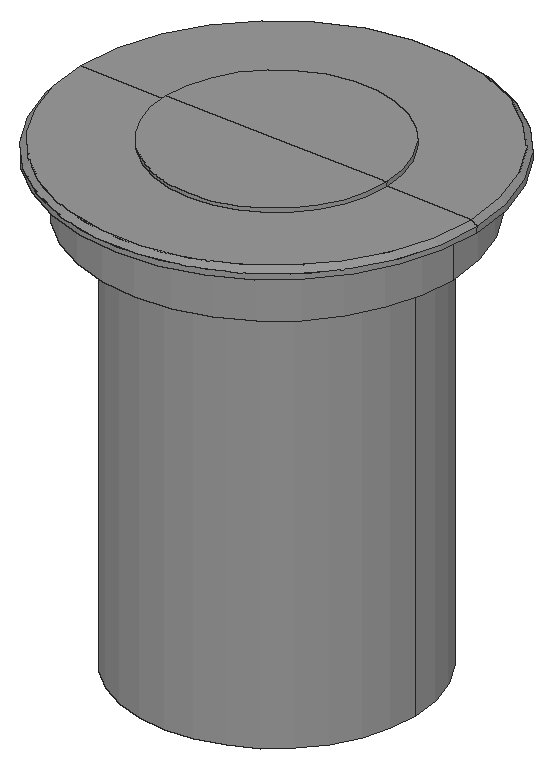
Revit family "Interrata - Copy - Copy (2)", category Lighting Fixtures, host Face, Revit 2017
Family settings
  Host = Face
  Round Connector Dimension = Use Diameter
  Part Type = Normal
  OmniClass Number = 23.80.70.00
  OmniClass Title = Lighting
  Cut with Voids When Loaded = No
  Light Source = No
  Shared = No
  Room Calculation Point = No
Parameters (values of type "0049040")
  XS_SYL = no
  Weight = ""
  Wattage Comments = ""
  WarrantyStartDate [instance] = "n/a"
  WarrantyGuarantorParts = "n/a"
  WarrantyDurationUnit = "n/a"
  WarrantyDurationParts = "n/a"
  WarrantyDescription = "n/a"
  Voltage = 0 V
  URL = "http://www.sylvania-lighting.com"
  TypeName = ""
  TypeLamp_SYL = Interrata Lamp : 0049040 INTERRATA ADJUSTABLE S  CL 400LM 830 MB
  Type Image = <None>
  Type Comments = "n/a"
  Thickness_SYL = 2.5 mm  # constant formula
  Step2_SYL = if(XS_SYL, 99.8 mm, if(S_SYL, 121 mm, if(L_SYL, 236 mm, 206 mm)))  # 121 mm
  Step1_SYL = if(XS_SYL, 26.2 mm, if(S_SYL, 15 mm, if(L_SYL, 19.5 mm, 17.5 mm)))  # 15 mm
  SerialNumber [instance] = "n/a"
  S_SYL = yes
  RotationAngle_SYL [instance] = 0.00°
  RingHeight_SYL = if(XS_SYL, 3 mm, if(S_SYL, 3 mm, if(L_SYL, 4 mm, 2.8 mm)))  # 3 mm
  RevolutionAxisFromRefLevel_SYL = if(XS_SYL, 27 mm, if(S_SYL, 45 mm, if(L_SYL, 74 mm, 59.5 mm)))  # 45 mm
  Radius_SYL = if(XS_SYL, 50 mm, if(S_SYL, 60 mm, if(L_SYL, 130 mm, 100 mm)))  # 60 mm
  Radius3_SYL = if(XS_SYL, 31.5 mm, if(S_SYL, 41.7 mm, if(L_SYL, 112 mm, 96 mm)))  # 41.7 mm
  Radius2_SYL = if(XS_SYL, 33.5 mm, if(S_SYL, 53 mm, if(L_SYL, 124 mm, 98 mm)))  # 53 mm
  Material_3_SYL = none
  PowerFactor = 0
  PowerConsumption = ""
  NominalLength = 0 mm
  NominalHeight = 0 mm
  NominalDepth = 0 mm
  Name = ""
  ModelReference = Name  # ""
  ModelNumber = ""
  Model = Name  # ""
  Material = ""
  ManufacturerName = "Feilo Sylvania"
  Manufacturer = "Feilo Sylvania"
  L_SYL = no
  LuminousEfficacy = ""
  LuminaireType = ""
  LightOutputRatio = ""
  LampsType = Lamp  # ""
  EndAngle_SYL [instance] = RotationAngle_SYL + 180.00°  # 180.00°
  BodyThickness_SYL = 3 mm  # constant formula
  BodyHeight3_SYL = if(XS_SYL, 80 mm, if(S_SYL, 45 mm, if(L_SYL, 21 mm, 29.4 mm)))  # 45 mm
  BodyRad_SYL = if(XS_SYL, 30 mm, if(S_SYL, 50 mm, if(L_SYL, 120 mm, 95 mm)))  # 50 mm
  LampNominalLuminous = ""
  LampMacAdamStep = ""
  BodyRad2_SYL = if(XS_SYL, 16.5 mm, if(S_SYL, 35.5 mm, if(L_SYL, 82.5 mm, 54.5 mm)))  # 35.5 mm
  BodyRad1_SYL = if(XS_SYL, 23.6 mm, if(S_SYL, 35.5 mm, if(L_SYL, 99.4 mm, 68.5 mm)))  # 35.5 mm
  BodyHeight4_SYL = if(XS_SYL, 5.5 mm, if(S_SYL, 45 mm, if(L_SYL, 82.2 mm, 66.6 mm)))  # 45 mm
  BodyHeight2_SYL = if(XS_SYL, 4.5 mm, if(S_SYL, 5.5 mm, if(L_SYL, 34 mm, 19.5 mm)))  # 5.5 mm
  BodyHeight1_SYL = if(XS_SYL, 4.5 mm, if(S_SYL, 4 mm, if(L_SYL, 14 mm, 9.5 mm)))  # 4 mm
  LampColourTemperature = ""
  LampColourRenderingIndex = ""
  Lamp = ""
  Keynote = "16500"
  InstallationDate [instance] = "n/a"
  InputVoltage = ""
  InputNominalFrequency = ""
  IngressProtection = ""
  ImpactProtectionIndex = ""
  IfcExportType = "IfcLightFixtureType"
  IfcExportAs = "IfcLightFixtureType"
  ElectricShockClassification = ""
  DocumentationLiterature = ""
  DimmingControlOptions = ""
  Material_2_SYL = Polycarbonate, Clear
  DiffuserRad_SYL = if(XS_SYL, 21 mm, if(S_SYL, 33 mm, if(L_SYL, 94 mm, 66 mm)))  # 33 mm
  Description = ""
  Default Elevation = 100 mm
  CreatedOn = ""
  CreatedBy = ""
  Cost = 0
  built-in parameter 1114216 [instance] = (empty or 0)
  ClassificationValue = "EF_70_80"
  ClassificationName = "Uniclass2015"
  Material_1_SYL = Stainless Steel
  Chamfer_SYL = 1.5 mm  # constant formula
  BarCode [instance] = "n/a"
  AssetType = ""
  AssetIdentifier [instance] = "n/a"
  Assembly Code = "D5020200"
  Apparent Load = 0 VA
  Material_4_SYL = none
Types (10, lengths in mm): name | XS_SYL | TypeLamp_SYL | Step2_SYL | Step1_SYL | S_SYL | RingHeight_SYL | RevolutionAxisFromRefLevel_SYL | Radius_SYL | Radius3_SYL | Radius2_SYL | L_SYL | BodyHeight3_SYL | BodyRad_SYL | BodyRad2_SYL | BodyRad1_SYL | BodyHeight4_SYL | BodyHeight2_SYL | BodyHeight1_SYL | DiffuserRad_SYL
  0049036 | yes | Interrata Lamp : 0049036 INTERRATA XS  FROSTED 100LM 830  | 99.8 | 26.2 | no | 3 | 27 | 50 | 31.5 | 33.5 | no | 80 | 30 | 16.5 | 23.6 | 5.5 | 4.5 | 4.5 | 21
  0049042 | no | Interrata Lamp : 0049042 INTERRATA ADJUSTABLE M  CL 1000LM 830 MB | 206 | 17.5 | no | 2.8 | 59.5 | 100 | 96 | 98 | no | 29.4 | 95 | 54.5 | 68.5 | 66.6 | 19.5 | 9.5 | 66
  0049043 | no | Interrata Lamp : 0049043 INTERRATA ADJUSTABLE M  CL 1000LM 840 MB | 206 | 17.5 | no | 2.8 | 59.5 | 100 | 96 | 98 | no | 29.4 | 95 | 54.5 | 68.5 | 66.6 | 19.5 | 9.5 | 66
  0049044 | no | Interrata Lamp : 0049044 INTERRATA ADJUSTABLE L  CL 2000LM 830 MB | 236 | 19.5 | no | 4 | 74 | 130 | 112 | 124 | yes | 21 | 120 | 82.5 | 99.4 | 82.2 | 34 | 14 | 94
  0049037 | yes | Interrata Lamp : 0049037 INTERRATA XS  FROSTED 100LM 840  | 99.8 | 26.2 | no | 3 | 27 | 50 | 31.5 | 33.5 | no | 80 | 30 | 16.5 | 23.6 | 5.5 | 4.5 | 4.5 | 21
  0049039 | yes | Interrata Lamp : 0049039 INTERRATA XS  CLEAR 100LM 840 NB | 99.8 | 26.2 | no | 3 | 27 | 50 | 31.5 | 33.5 | no | 80 | 30 | 16.5 | 23.6 | 5.5 | 4.5 | 4.5 | 21
  0049038 | yes | Interrata Lamp : 0049038 INTERRATA XS  CLEAR 100LM 830 NB | 99.8 | 26.2 | no | 3 | 27 | 50 | 31.5 | 33.5 | no | 80 | 30 | 16.5 | 23.6 | 5.5 | 4.5 | 4.5 | 21
  0049040 | no | Interrata Lamp : 0049040 INTERRATA ADJUSTABLE S  CL 400LM 830 MB | 121 | 15 | yes | 3 | 45 | 60 | 41.7 | 53 | no | 45 | 50 | 35.5 | 35.5 | 45 | 5.5 | 4 | 33
  0049041 | no | Interrata Lamp : 0049041 INTERRATA ADJUSTABLE S  CL 400LM 840 MB | 121 | 15 | yes | 3 | 45 | 60 | 41.7 | 53 | no | 45 | 50 | 35.5 | 35.5 | 45 | 5.5 | 4 | 33
  0049045 | no | Interrata Lamp : 0049045 INTERRATA ADJUSTABLE L  CL 2000LM 840 MB | 236 | 19.5 | no | 4 | 74 | 130 | 112 | 124 | yes | 21 | 120 | 82.5 | 99.4 | 82.2 | 34 | 14 | 94
Reference planes
  plane 1 "Center (Front/Back)": y = 0
  plane 2: z = 1.5
  plane 3 "Center (Left/Right)": x = 0
  plane 4: z = 3
  plane 5: x = -33
  plane 6: x = -58.5
  plane 7: x = -60
  plane 8: x = -53
  plane 9: z = 4
  plane 10: z = -15
  plane 11: z = -136
  plane 12: x = -41.7
  plane 13: x = -50
  plane 14: z = -4
  plane 15: z = -9.5
  plane 16: x = -50.5
  plane 17: z = -12.5
  plane 18: x = -39.2
  plane 19: z = -54.5
  plane 20: z = -99.5
  plane 21: x = -35.5
  plane 22: x = -35.5
  plane 23: x = -47
  plane 24: x = -32.5
  plane 25: x = -32.5
  plane 26: z = -96.5
  plane 27: z = -1
  plane 28: z = -45
Forms (mm)
  Revolve 1, solid, material "Stainless Steel" <- "Material_1_SYL"
    sketch origin (0, 0, 0) x (1, 0, 0) y (0, 0, 1)
      loop
        line (-33, 3) -> (-58.5, 3) -> (-60, 1.5) -> (-60, 0) -> (-53, 0) -> (-53, -15) -> (-41.7, -15) -> (-41.7, -136) -> (-39.2, -136) -> (-39.2, -12.5) -> (-50.5, -12.5) -> (-50.5, 0) -> (-33, 0) -> (-33, 3)
      axis (0, 3) -> (0, -136)
    angle from 360 to 0
  Revolve 2, void
    sketch origin (0, 0, 0) x (1, 0, 0) y (0, 0, 1)
      loop
        line (-53, 0) -> (-53, -136) -> (0, -136) -> (0, 0) -> (-53, 0)
      axis (0, 0) -> (0, -136)
    angle from 360 to 0
  Revolve 3, solid, material "Polycarbonate, Clear" <- "Material_2_SYL", detail levels medium+fine
    sketch origin (0, 0, 0) x (1, 0, 0) y (0, 0, 1)
      loop
        line (0, 4) -> (-33, 4) -> (-33, 1.5) -> (0, 1.5) -> (0, 4)
      axis (0, 4) -> (0, 1.5)
    angle from 360 to 0
  Revolve 4, solid, detail levels medium+fine
    sketch origin (0, 0, 0) x (1, 0, 0) y (0, 0, 1)
      loop
        line (-47, 0) -> (-50, 0) -> (-50, -4) -> (-35.5, -4) -> (-35.5, -9.5) -> (-35.5, -54.5) -> (-35.5, -99.5) -> (0, -99.5) -> (0, -96.5) -> (-32.5, -96.5) -> (-32.5, -53.822) -> (-32.5, -8.822) -> (-32.5, -1) -> (-47, -1) -> (-47, 0)
      axis (0, 0) -> (0, -99.5)
    angle from 360 to 0
  Revolve 5, solid
    sketch origin (-1524.19, -4572, -45) x (-1, 0, 0) y (0, -1, 0)
      loop
        line (-1524.19, -4572) -> (-1524.19, -4582) -> (-1514.19, -4582) -> (-1514.19, -4572) -> (-1524.19, -4572)
      axis (-1524.19, -4582) -> (-1524.19, -4572)
    angle from 0 <- "RotationAngle_SYL" to 180 <- "EndAngle_SYL"
Dimensions and locks
  "DiffuserRad_SYL": plane 3 "Center (Left/Right)" to plane 5
  "Radius_SYL": plane 3 "Center (Left/Right)" to plane 7
  "Chamfer_SYL": plane 6 to plane 7
  "Radius2_SYL": plane 3 "Center (Left/Right)" to plane 8
  locked: plane 9 to plane 4 at 1
  "RingHeight_SYL": plane 4 to level
  "Chamfer_SYL": plane 4 to plane 2
  "Step1_SYL": level to plane 10
  "Step2_SYL": plane 10 to plane 11
  "Radius3_SYL": plane 3 "Center (Left/Right)" to plane 12
  "BodyRad_SYL": plane 3 "Center (Left/Right)" to plane 13
  "BodyHeight1_SYL": level to plane 14
  "BodyHeight2_SYL": plane 14 to plane 15
  "Thickness_SYL": plane 16 to plane 8
  "Thickness_SYL": plane 17 to plane 10
  "Thickness_SYL": plane 18 to plane 12
  "BodyHeight3_SYL": plane 15 to plane 19
  "BodyHeight4_SYL": plane 19 to plane 20
  "BodyRad1_SYL": plane 3 "Center (Left/Right)" to plane 21
  "BodyRad2_SYL": plane 3 "Center (Left/Right)" to plane 22
  "BodyThickness_SYL": plane 26 to plane 20
  "BodyThickness_SYL": plane 25 to plane 22
  "BodyThickness_SYL": plane 24 to plane 21
  "BodyThickness_SYL": plane 23 to plane 13
  "BodyThickness_SYL": plane 27 to plane 14
  "RevolutionAxisFromRefLevel_SYL": level to plane 28
  aligned and locked: level to host face
  aligned and locked: Revolve 1 sketch curve to plane 4
  aligned and locked: plane 7 to Revolve 1 sketch curve
  aligned and locked: Revolve 1 sketch curve to level
  aligned and locked: plane 10 to Revolve 1 sketch curve
  aligned and locked: Revolve 1 sketch curve to plane 12
  aligned and locked: plane 5 to Revolve 1 sketch curve
  aligned and locked: Revolve 1 sketch curve to plane 3 "Center (Left/Right)"
  aligned and locked: Revolve 1 sketch curve to plane 11
  aligned and locked: Revolve 2 sketch curve to plane 3 "Center (Left/Right)"  (x2)
  aligned and locked: Revolve 3 sketch curve to plane 9
  aligned and locked: Revolve 3 sketch curve to plane 5
  aligned and locked: Revolve 3 sketch curve to plane 2
  aligned and locked: plane 3 "Center (Left/Right)" to Revolve 3 sketch curve
  aligned and locked: Revolve 3 sketch curve to plane 3 "Center (Left/Right)"
  aligned and locked: Revolve 1 sketch curve to plane 18
  aligned and locked: plane 17 to Revolve 1 sketch curve
  aligned and locked: Revolve 4 sketch curve to plane 3 "Center (Left/Right)"  (x2)
  aligned and locked: Revolve 4 sketch curve to plane 26
  aligned and locked: Revolve 4 sketch curve to plane 20
  aligned and locked: Revolve 4 sketch curve to plane 22
  aligned and locked: Revolve 4 sketch curve to plane 25
  aligned and locked: plane 15 to Revolve 4 sketch curve
  aligned and locked: plane 21 to Revolve 4 sketch curve
  aligned and locked: Revolve 1 sketch curve to plane 8
  aligned and locked: Revolve 1 sketch curve to plane 16
  aligned and locked: plane 8 to Revolve 2 sketch curve
  aligned and locked: Revolve 2 sketch curve to level
  aligned and locked: Revolve 2 sketch curve to plane 11
  aligned and locked: Revolve 5 sketch curve to plane 1 "Center (Front/Back)"
  aligned and locked: Revolve 5 sketch curve to plane 3 "Center (Left/Right)"  (x2)
Automatic sketch dimensions
  host sketch curve to host sketch curve = 632.037 mm  (x2)
  plane 11 to Revolve 3 sketch curve = 386.1 mm
  Revolve 3 sketch curve to Revolve 3 sketch curve = 2605.258 mm
  Revolve 4 sketch curve to level = 0 mm
  Revolve 4 sketch curve to plane 13 = 0 mm
  Revolve 4 sketch curve to plane 23 = 0 mm
  Revolve 4 sketch curve to plane 14 = 0 mm
  Revolve 4 sketch curve to plane 24 = 0 mm
  Revolve 4 sketch curve to plane 19 = 0 mm
  Revolve 4 sketch curve to plane 27 = 0 mm
  plane 19 to Revolve 4 sketch curve = 0.678 mm
  plane 15 to Revolve 4 sketch curve = 0.678 mm
  plane 11 to Revolve 4 sketch curve = 386.1 mm
  Revolve 4 sketch curve to plane 9 = 2605.258 mm
  Revolve 1 sketch curve to plane 6 = 0 mm
  Revolve 1 sketch curve to level = 0 mm
  Revolve 1 sketch curve to plane 2 = 0 mm
  plane 11 to Revolve 1 sketch curve = 386.1 mm
  Revolve 1 sketch curve to plane 9 = 2605.258 mm
  plane 11 to Revolve 2 sketch curve = 386.1 mm
  Revolve 2 sketch curve to plane 9 = 2605.258 mm
  Revolve 5 sketch curve to plane 3 "Center (Left/Right)" = 10 mm
  Revolve 5 sketch curve to plane 1 "Center (Front/Back)" = 10 mm
  Revolve 5 sketch curve to Revolve 5 sketch curve = 1514 mm
  Revolve 5 sketch curve to Revolve 5 sketch curve = 1524 mm
Nested families
  nested 1: "Interrata Lamp" at (0, 0, -45) x (0, -1, 0) z (0, 0, 1), type <- "TypeLamp_SYL", type "0049040 INTERRATA ADJUSTABLE S  CL 400LM 830 MB"
    with built-in parameter 1114216 (empty or 0)
Connectors
  electrical at (0, 0, -136), driven by "Voltage", driven by "Apparent Load", driven by "PowerFactor"
    settings: on Revolve 1, index 1, voltage 0 V, apparent load 0 VA, apparent load phase1 0 VA, apparent load phase2 0 VA, apparent load phase3 0 VA, power factor 0, load classification "Other", number of poles 1, system type 30, power factor state 1, is connector primary yes, connector utility no, sub classification motor no, connector description ""
Definition of nested family "Interrata Lamp"
  Parameters (values of type "0049038 INTERRATA XS  CLEAR 100LM 830 NB")
    XS_SYL = yes
    Wattage Comments = "n/a"
    Wattage = 0 W
    built-in parameter 1150110 = 1 (stored number, unit not read)
    URL = "http://www.sylvania-lighting.com"
    Type Image = (empty or 0)
    Type Comments = "n/a"
    built-in parameter 1114217 = 1 (stored number, unit not read)
    Tilt Angle = -90.00°
    built-in parameter 1150109 = 1 (stored number, unit not read)
    built-in parameter 1150134 = (empty or 0)
    built-in parameter 1150113 = 1 (stored number, unit not read)
    S_SYL = no
    Rad_SYL = if(XS_SYL, 27.5 mm, if(S_SYL, 17 mm, if(L_SYL, 36 mm, 41 mm)))  # 27.5 mm
    Rad4_SYL = if(XS_SYL, 11 mm, if(S_SYL, 20 mm, if(L_SYL, 55 mm, 40 mm)))  # 11 mm
    Rad3_SYL = if(XS_SYL, 12.5 mm, if(S_SYL, 24 mm, if(L_SYL, 57 mm, 41 mm)))  # 12.5 mm
    Rad2_SYL = if(XS_SYL, 20.2 mm, if(S_SYL, 29 mm, if(L_SYL, 75 mm, 51.5 mm)))  # 20.2 mm
    Photometric Web File = ""
    built-in parameter 1150142 = (empty or 0)
    Material_3_SYL = none
    Model = "INTERRATA XS IP67 CLEAR 100LM 830 NB"
    Manufacturer = "Feilo Sylvania"
    built-in parameter 1150105 = (empty or 0)
    Lumens = 0 lm
    built-in parameter 1150115 = 1 (stored number, unit not read)
    built-in parameter 1150137 = (empty or 0)
    built-in parameter 1150139 = (empty or 0)
    built-in parameter 1150112 = 1 (stored number, unit not read)
    built-in parameter 1150114 = 1 (stored number, unit not read)
    Lamp = "LED"
    L_SYL = no
    Keynote = "16500"
    Material_2_SYL = none
    built-in parameter 1150132 = (empty or 0)
    built-in parameter 1150102 = (empty or 0)
    built-in parameter 1150107 = (empty or 0)
    built-in parameter 1150138 = (empty or 0)
    built-in parameter 1150106 = 1.0982 (stored number, unit not read)
    Height4_SYL = if(XS_SYL, 9.1 mm, if(S_SYL, 10 mm, if(L_SYL, 22 mm, 10.5 mm)))  # 9.1 mm
    Height3_SYL = if(XS_SYL, 4 mm, if(S_SYL, 8 mm, if(L_SYL, 8.7 mm, 6.7 mm)))  # 4 mm
    Height2_SYL = if(XS_SYL, 7.4 mm, if(S_SYL, 2 mm, if(L_SYL, 2 mm, 2 mm)))  # 7.4 mm
    Height1_SYL = if(XS_SYL, 6.5 mm, if(S_SYL, 8.3 mm, if(L_SYL, 19.5 mm, 18.3 mm)))  # 6.5 mm
    Emit from Circle Diameter = Rad_SYL * 2  # 55 mm
    Emit Shape Visible in Rendering = no
    built-in parameter 1150104 = (empty or 0)
    Dimming Lamp Color Temperature Shift = (empty or 0)
    Description = ""
    Default Elevation = 1219.2 mm
    Cost = 0
    Color Filter = 16777215
    built-in parameter 1114216 [instance] = (empty or 0)
    Material_1_SYL = none
    BottomFromRefLevel = if(XS_SYL, 0.1 mm, if(S_SYL, 4 mm, if(L_SYL, 7 mm, 0.1 mm)))  # 0.1 mm
    built-in parameter 1114218 = 1 (stored number, unit not read)
    built-in parameter 1150133 = 10 (stored number, unit not read)
    Assembly Code = "D5020200"
    Apparent Load = 0 VA
    Material_4_SYL = none
  Types (16, lengths in mm): name | XS_SYL | S_SYL | Rad_SYL | Rad4_SYL | Rad3_SYL | Rad2_SYL | Model | L_SYL | Height4_SYL | Height3_SYL | Height2_SYL | Height1_SYL | Emit from Circle Diameter | BottomFromRefLevel
    0049051 INTERRATA ADJUSTABLE L HONEYCOMB | no | no | 36 | 55 | 57 | 75 | "INTERRATA ADJUSTABLE L HONEYCOMB" | yes | 22 | 8.7 | 2 | 19.5 | 72 | 7
    0049050 INTERRATA ADJUSTABLE M HONEYCOMB | no | no | 41 | 40 | 41 | 51.5 | "INTERRATA ADJUSTABLE M HONEYCOMB" | no | 10.5 | 6.7 | 2 | 18.3 | 82 | 0.1
    0049049 INTERRATA ADJUSTABLE S HONEYCOMB | no | yes | 17 | 20 | 24 | 29 | "INTERRATA ADJUSTABLE S HONEYCOMB" | no | 10 | 8 | 2 | 8.3 | 34 | 4
    0049048 INTERRATA ADJUSTABLE L  FROSTED GLASS | no | no | 36 | 55 | 57 | 75 | "INTERRATA ADJUSTABLE L  FROSTED GLASS" | yes | 22 | 8.7 | 2 | 19.5 | 72 | 7
    0049047 INTERRATA ADJUSTABLE M FROSTED GLASS | no | no | 41 | 40 | 41 | 51.5 | "INTERRATA ADJUSTABLE M FROSTED GLASS" | no | 10.5 | 6.7 | 2 | 18.3 | 82 | 0.1
    0049046 INTERRATA ADJUSTABLE S FROSTED GLASS | no | yes | 17 | 20 | 24 | 29 | "INTERRATA ADJUSTABLE S FROSTED GLASS" | no | 10 | 8 | 2 | 8.3 | 34 | 4
    0049045 INTERRATA ADJUSTABLE L  CL 2000LM 840 MB | no | no | 36 | 55 | 57 | 75 | "INTERRATA ADJUSTABLE L IP67 CLEAR 2000LM 840 MB" | yes | 22 | 8.7 | 2 | 19.5 | 72 | 7
    0049044 INTERRATA ADJUSTABLE L  CL 2000LM 830 MB | no | no | 36 | 55 | 57 | 75 | "INTERRATA ADJUSTABLE L IP67 CLEAR 2000LM 830 MB" | yes | 22 | 8.7 | 2 | 19.5 | 72 | 7
    0049043 INTERRATA ADJUSTABLE M  CL 1000LM 840 MB | no | no | 41 | 40 | 41 | 51.5 | "INTERRATA ADJUSTABLE M IP67 CLEAR 1000LM 840 MB" | no | 10.5 | 6.7 | 2 | 18.3 | 82 | 0.1
    0049042 INTERRATA ADJUSTABLE M  CL 1000LM 830 MB | no | no | 41 | 40 | 41 | 51.5 | "INTERRATA ADJUSTABLE M IP67 CLEAR 1000LM 830 MB" | no | 10.5 | 6.7 | 2 | 18.3 | 82 | 0.1
    0049041 INTERRATA ADJUSTABLE S  CL 400LM 840 MB | no | yes | 17 | 20 | 24 | 29 | "INTERRATA ADJUSTABLE S IP67 CLEAR 400LM 840 MB" | no | 10 | 8 | 2 | 8.3 | 34 | 4
    0049040 INTERRATA ADJUSTABLE S  CL 400LM 830 MB | no | yes | 17 | 20 | 24 | 29 | "INTERRATA ADJUSTABLE S IP67 CLEAR 400LM 830 MB" | no | 10 | 8 | 2 | 8.3 | 34 | 4
    0049039 INTERRATA XS  CLEAR 100LM 840 NB | yes | no | 27.5 | 11 | 12.5 | 20.2 | "INTERRATA XS IP67 CLEAR 100LM 840 NB" | no | 9.1 | 4 | 7.4 | 6.5 | 55 | 0.1
    0049038 INTERRATA XS  CLEAR 100LM 830 NB | yes | no | 27.5 | 11 | 12.5 | 20.2 | "INTERRATA XS IP67 CLEAR 100LM 830 NB" | no | 9.1 | 4 | 7.4 | 6.5 | 55 | 0.1
    0049037 INTERRATA XS  FROSTED 100LM 840 | yes | no | 27.5 | 11 | 12.5 | 20.2 | "INTERRATA XS IP67 FROSTED 100LM 840" | no | 9.1 | 4 | 7.4 | 6.5 | 55 | 0.1
    0049036 INTERRATA XS  FROSTED 100LM 830 | yes | no | 27.5 | 11 | 12.5 | 20.2 | "INTERRATA XS IP67 FROSTED 100LM 830" | no | 9.1 | 4 | 7.4 | 6.5 | 55 | 0.1
  Reference planes
    plane 1 "Center (Front/Back)": y = 0
    plane 2: z = 0
    plane 3 "Center (Left/Right)": x = 0
    plane 4: z = -0.1
    plane 5: z = 9
    plane 6: z = 13
    plane 7: z = 20.4
    plane 8: z = 26.9
    plane 9: x = -11
    plane 10: x = -12.5
    plane 11: x = -20.2
    plane 12: x = -27.5
  Forms (mm)
    Extrusion 1, solid
      sketch origin (4.2, 0, 0) x (1, 0, 0) y (0, 1, 0)
        loop
          line (-43.406, 38.688) -> (-43.406, -41.283) -> (36.565, -41.283) -> (36.565, 38.688) -> (-43.406, 38.688)
      from 0 to -68.017
    Revolve 2, solid, material <- "Material_1_SYL"
      sketch origin (0, 0, 0) x (1, 0, 0) y (0, 0, 1)
        loop
          line (0, 26.9) -> (-27.5, 26.9) -> (-27.5, 20.4) -> (-20.2, 20.4) -> (-20.2, 13) -> (-12.5, 13) -> (-12.5, 9) -> (-11, 9) -> (-11, -0.1) -> (0, -0.1) -> (0, 26.9)
        axis (0, 26.9) -> (0, -0.1)
      angle from 360 to 0
  Dimensions and locks
    "BottomFromRefLevel": level to plane 4
    "Height4_SYL": plane 5 to plane 4
    "Height3_SYL": plane 6 to plane 5
    "Height2_SYL": plane 7 to plane 6
    "Height1_SYL": plane 8 to plane 7
    "Rad4_SYL": plane 3 "Center (Left/Right)" to plane 9
    "Rad3_SYL": plane 3 "Center (Left/Right)" to plane 10
    "Rad2_SYL": plane 3 "Center (Left/Right)" to plane 11
    "Rad_SYL": plane 3 "Center (Left/Right)" to plane 12
    aligned and locked: plane 2 to Extrusion 1
    aligned and locked: level to Extrusion 1
    aligned and locked: Revolve 2 sketch curve to plane 3 "Center (Left/Right)"
    aligned and locked: plane 8 to Revolve 2 sketch curve
    aligned and locked: Revolve 2 sketch curve to plane 12
    aligned and locked: Revolve 2 sketch curve to plane 7
    aligned and locked: Revolve 2 sketch curve to plane 11
    aligned and locked: Revolve 2 sketch curve to plane 6
    aligned and locked: Revolve 2 sketch curve to plane 10
    aligned and locked: Revolve 2 sketch curve to plane 9
    aligned and locked: Revolve 2 sketch curve to plane 5
    aligned and locked: Revolve 2 sketch curve to plane 4
    aligned and locked: plane 3 "Center (Left/Right)" to Revolve 2 sketch curve
    aligned and locked: plane 8 to imposter light
    aligned and locked: plane 3 "Center (Left/Right)" to imposter light
  Automatic sketch dimensions
    Revolve 2 sketch curve to level = 609.6 mm
    Revolve 2 sketch curve to Revolve 2 sketch curve = 2572.058 mm
    Extrusion 1 sketch curve to Extrusion 1 sketch curve = 79.971 mm  (x2)
